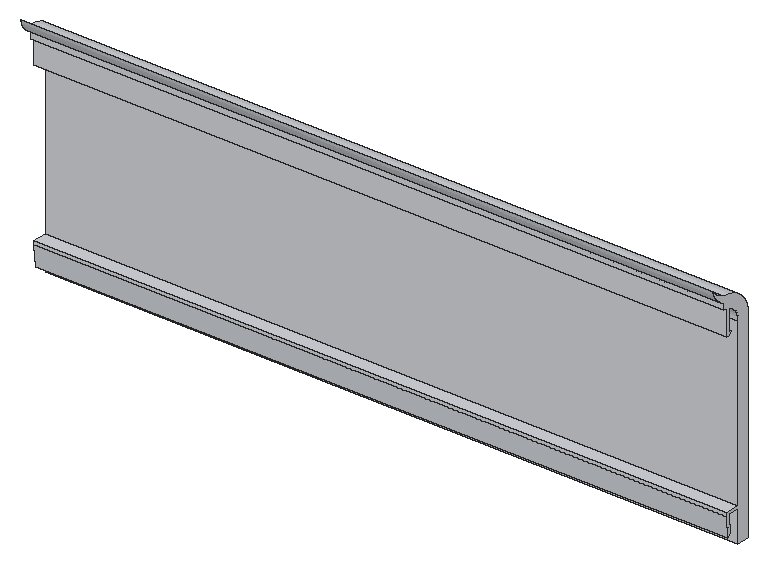
Revit family "HansWeitzel_52529", category Allgemeines Modell, Revit 2017
Family settings
  Basisbauteil = Wand
  Kann Basisbauteil für Bewehrung sein = Nein
  Bemaßung runder Anschluss = Durchmesser verwenden
  Teiletyp = Normal
  Immer vertikal = Ja
  Beim Laden mit Abzugskörper schneiden = Nein
  Gemeinsam genutzt = Nein
  Raumberechnungspunkt = Nein
Parameters
  max. Betriebstemperatur (°C) = 90
  Werkstoff = "PVC"
  Wandmontage möglich = yes
  Typname = "HZ-Blindleiste BLF Alu, 2m"
  Tiefe (mm) = 16
  Selbstverlöschend = yes
  Profilart = "Sockelprofil"
  Menge pro Verpackungseinheit = 10
  Ist Zubehör = no
  Ist System = no
  Höhe [mm] = 87
  Hersteller = "Hans Weitzel GmbH & Co. KG"
  HeinzeBIM = "https://www.heinze.de/bim/hz-blindleiste-blf-alu-2m/44566f69d7faec249ec2fe52af7c7b477cf8e39a"
  HAN = "52529"
  Gewicht unverpackt (netto) [kg] = 0.7
  GTIN = "4022023113617"
  Farbton = "metallfarben"
  Dekor = "Alu"
  Breite [mm] = 2000
  Brandklasse B2 = yes
  Beschreibung = "HZ-Blindleiste BLF Alu, 2m mit Dekorfolie passend zu SLF AL"
  BIMSITE_PRODUCT_ID = "44566f69d7faec249ec2fe52af7c7b477cf8e39a"
  BIM = "https://media.live.bim.site/t/eyJhbGciOiJIUzI1NiIsInR5cCI6IkpXVCJ9.eyJjdCI6MSwidGYiOiJwdWJsaWMvaGFucy13ZWl0emVsLWdtYmgtY28ta2cvMjI1MGEyZS9IWl9CTEZfUHJvZmlsLnJmYSIsImNpZCI6ImZlZDk4ZTlhLTFiZDgtNGM2OC1hNzNiLTc0YTk0ZTMxNTgyMyIsInJpZCI6ImVmYjZmOTA1NmQ1OWQyNzMyNTNkYmRmOGYxODQxMTAyIiwicGlkIjoiNDQ1NjZmNjlkN2ZhZWMyNDllYzJmZTUyYWY3YzdiNDc3Y2Y4ZTM5YSIsInNpZCI6IjYzNTU4IiwidXQiOjUsImxjIjoiZGUiLCJpYXQiOjE1ODAxMjAyNjYsImlzcyI6Imh0dHBzOi8vYXBpLmxpdmUuYmltLnNpdGUiLCJzdWIiOiJmNTg2YzRiNi1hNTA4LTQyN2EtOTgxOC0xMzE3OTY2NTc2YmMifQ.iYBAxgLyY05-ix16rZ1LV-mwTd7RCzy-VKfeMvvFvEg/HZ_BLF_Profil.rfa"
Reference planes
  plane 1: y = 0
  plane 2 "Center (Left/Right)": x = 0
  plane 3 "Wall Edge": y = 76.2
Text (mm)
  text "Placement Side" at (0, 1019.848, 3124.603), in view "Right"
  text "Placement Side" at (-1787.662, 723.012, 0), in view "Ref. Level"
  text "Placement Side" at (0, 2073.289, 3571.227), in view "Left"
Dimensions and locks
  locked: plane 3 "Wall Edge" to host wall
  aligned and locked: plane 3 "Wall Edge" to nested 1
Nested families
  nested 1: "HZ_BLF_Part2" at (0, 76.2, 0), type "HZ_BLF_Part2"
Definition of nested family "HZ_BLF_Part2"
  Reference planes
    plane 1 "Center (Front/Back)": y = 0
    plane 2: z = 0
    plane 3 "Center (Left/Right)": x = 0
  Forms (mm)
    Extrusion 1, solid, detail levels fine
      sketch origin (0, 0, 0) x (0, 1, 0) y (0, 0, 1)
        loop
          arc (16, 72) -> (12.727, 79.83) -> (4.854, 82.999) r 11
          arc (4.854, 82.999) -> (2.091, 84.316) -> (0, 86.553) r 8.222
          arc (0, 86.553) -> (1.757, 83.087) -> (4.851, 80.736) r 8.67
          line (4.851, 80.736) -> (4.851, 78.472)
          arc (4.851, 78.472) -> (5.499, 78.442) -> (6.14, 78.346) r 6.5
          line (6.14, 78.346) -> (6.14, 69.232) -> (7.064, 69.232) -> (8.141, 70.371) -> (7.148, 70.371) -> (7.148, 78.059)
          arc (7.148, 78.059) -> (10.208, 75.675) -> (11.366, 71.972) r 6.5
          line (11.366, 71.972) -> (11.366, 12.318) -> (6.13, 12.318) -> (6.13, 11.14) -> (6.85, 3.802) -> (7.723, 4.72) -> (7.157, 11.4) -> (11.366, 11.4) -> (11.366, 0) -> (16, 0) -> (16, 72)
      from 0 to 250
    Extrusion 2, solid, detail levels medium
      sketch origin (0, 0, 0) x (0, 1, 0) y (0, 0, 1)
        loop
          line (16, 0) -> (16, 72)
          arc (16, 72) -> (12.727, 79.83) -> (4.854, 82.999) r 11
          arc (4.854, 82.999) -> (2.091, 84.316) -> (0, 86.553) r 8.222
          line (0, 86.553) -> (4.851, 78.472)
          arc (4.851, 78.472) -> (5.499, 78.442) -> (6.14, 78.346) r 6.5
          line (6.14, 78.346) -> (6.14, 69.232) -> (7.148, 69.232) -> (7.148, 78.059)
          arc (7.148, 78.059) -> (10.208, 75.675) -> (11.366, 71.972) r 6.5
          line (11.366, 71.972) -> (11.366, 12.318) -> (6.13, 12.318) -> (6.13, 11.14) -> (6.85, 3.802) -> (7.723, 4.72) -> (7.157, 11.4) -> (11.366, 11.4) -> (11.366, 0) -> (16, 0)
      from 0 to 250
    Extrusion 3, solid, detail levels coarse
      sketch origin (0, 0, 0) x (0, 1, 0) y (0, 0, 1)
        loop
          line (16, 0) -> (16, 86.553) -> (0, 86.553) -> (0, 0) -> (16, 0)
      from 0 to 250
  Dimensions and locks
    aligned and locked: plane 2 to level
